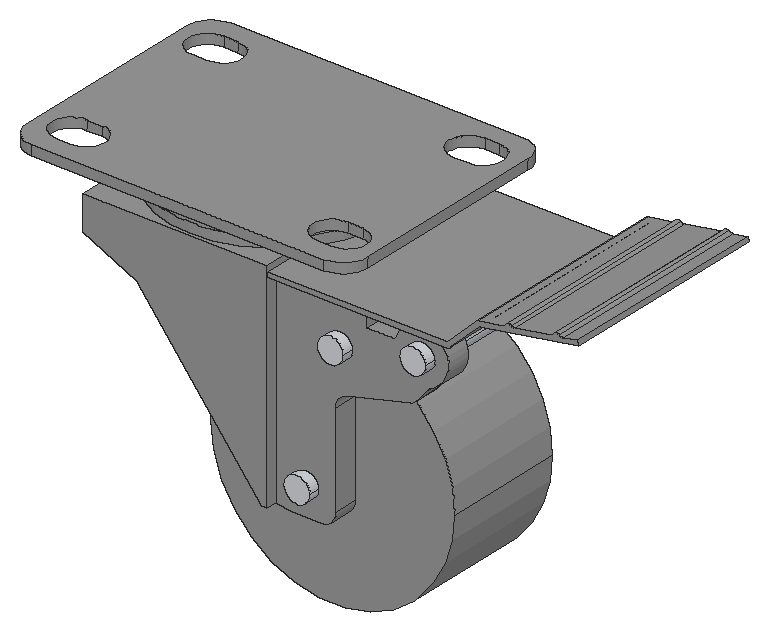
Revit family "ITK Ролик с тормозом", category Обобщенные модели, Revit 2016
Family settings
  Тип детали = Нормальный
  Может служить основой для арматурных стержней = Нет
  Размер круглого соединителя = Использовать диаметр
  На основе рабочей плоскости = Нет
  Всегда вертикально = Да
  При загрузке вырезать с полостями = Нет
  Общий = Нет
  Точка расчета площади = Нет
Parameters (values of type "ITK-HP-25")
  Совместимость = "серия Linea F"
  Описание = "Шкафы и стойки ITK могут быть установлены на ножки или ролики, или на ножки и ролики одновременно. Ролики значительно снижают максимально возможную статическую нагрузку шкафа или стойки, но позволяют легко перемещать конструктив по помещению. При необходимости, ролики могут быть заблокированы ножным тормозом.\r\n\r\nНожки имеют регулировку высоты, с помощью которой можно нивелировать шкаф на не ровном полу.\r\n\r\nРолики и ножки устанавливаются в нижнем основании. Ножка вкручивается в отверстие, рассчитанное на резьбу М12. Ролик крепится с помощью 4 винтов. Колесо ролика и основание ножки имеют резиновое диэлектрическое покрытие, предотвращающее проводимость тока с корпуса на пол.\r\nСовместимы со всеми 19-дюймовыми шкафами и стойками ITK.\r\nОбладают современным привлекательным дизайном и продуманной конструкцией.\r\nУдобны в монтаже и эксплуатации.\r\nСоответствие международным стандартам ISO9001, IEC 297, ISO/IEC 11801. \r\nСертифицированы по ГОСТ Р.\r\nВсе аксессуары идут с крепежом.\r\nВозможно исполнение в двух цветах: серый (RAL7035) и черный (RAL9005).\r\nВсегда в наличии на складе.\r\nГарантия на все аксессуары до 2-х лет."  # constant formula
  Материал = Окраска - RAL 9005
  Type Comments = ""
  Assembly Code = ""
  Изготовитель = "ITK"  # constant formula
  URL = "http://www.itk-group.ru/produktsiya/catalog/?page=detail&article=ITK-HP-25"
  ADSK_Примечание = ""
  ADSK_Позиция [instance] = ""
  ADSK_Наименование краткое = "ITK-HP-25"
  ADSK_Наименование = "ITK Ролики с тормозом (1 шт)"
  ADSK_Масса = 0
  ADSK_Марка = "ITK-HP-25"
  ADSK_Код изделия = ""
  ADSK_Завод-изготовитель = "IEK"
  ADSK_Единица измерения = "шт"
  ADSK_Группирование = ""
Reference planes
  plane 1 "По центру (Вперед/Назад)": y = 0
  plane 2: z = 0
  plane 3 "По центру (Влево/Вправо)": x = 0
Forms (mm)
  Extrusion 1, solid, material "Окраска - RAL 9005" <- "Материал", detail levels fine
    sketch origin (-1511.359, -1524, 1710) x (-1, 0, 0) y (0, -1, 0)
      loop
        line (-1459.992, -1498.5) -> (-1519.992, -1498.5)
        arc (-1519.992, -1498.5) -> (-1523.528, -1499.964) -> (-1524.992, -1503.5) r 5
        line (-1524.992, -1503.5) -> (-1524.992, -1544.5)
        arc (-1524.992, -1544.5) -> (-1523.528, -1548.035) -> (-1519.992, -1549.5) r 5
        line (-1519.992, -1549.5) -> (-1459.993, -1549.5)
        arc (-1459.993, -1549.5) -> (-1456.457, -1548.035) -> (-1454.992, -1544.499) r 5
        line (-1454.992, -1544.499) -> (-1454.992, -1503.499)
        arc (-1454.992, -1503.499) -> (-1456.457, -1499.964) -> (-1459.992, -1498.5) r 5
    from -1640 to -1638
  Extrusion 2, solid, material "Окраска - RAL 9005" <- "Материал", detail levels fine
    sketch origin (0, 0, 0) x (1, 0, 0) y (0, 0, 1)
      loop
        circle (0, 25) r 25
    from -12.5 to 12.5
  Extrusion 3, solid, material "Окраска - RAL 9005" <- "Материал", detail levels fine
    sketch origin (0, 0, 0) x (1, 0, 0) y (0, 0, 1)
      loop
        line (12.635, 58.301) -> (12.635, 62) -> (-5.345, 62) -> (-6.201, 60.864) -> (-6.201, 19.35) -> (-2.715, 19) -> (3.166, 19)
        arc (3.166, 19) -> (5.287, 19.879) -> (6.166, 22) r 3
        line (6.166, 22) -> (6.166, 41.304)
        arc (6.166, 41.304) -> (6.791, 43.136) -> (8.405, 44.206) r 3
        line (8.405, 44.206) -> (21.602, 47.668)
        arc (21.602, 47.668) -> (22.463, 48.046) -> (23.165, 48.672) r 3
        line (23.165, 48.672) -> (25.298, 51.281)
        arc (25.298, 51.281) -> (25.747, 51.724) -> (26.278, 52.064) r 3
        arc (26.278, 52.064) -> (27.25, 61.279) -> (18.476, 58.301) r 5.5
        line (18.476, 58.301) -> (12.635, 58.301)
    from 14.5 to 19.5
  Extrusion 4, solid, material "Окраска - RAL 9005" <- "Материал", detail levels fine
    sketch origin (0, 0, 0) x (1, 0, 0) y (0, 0, 1)
      loop
        arc (30.816, 61.983) -> (31.275, 62.074) -> (31.665, 62.334) r 1.2
        line (31.665, 62.334) -> (37.546, 68.165) -> (57.855, 71.746) -> (57.681, 72.73) -> (54.645, 72.195)
        arc (54.645, 72.195) -> (54.239, 72.206) -> (53.872, 72.378) r 1
        arc (53.872, 72.378) -> (53.293, 72.515) -> (52.796, 72.188) r 0.75
        arc (52.796, 72.188) -> (52.51, 71.901) -> (52.133, 71.752) r 1
        line (52.133, 71.752) -> (44.795, 70.458)
        arc (44.795, 70.458) -> (44.39, 70.47) -> (44.024, 70.641) r 1
        arc (44.024, 70.641) -> (43.445, 70.779) -> (42.948, 70.452) r 0.75
        arc (42.948, 70.452) -> (42.662, 70.165) -> (42.286, 70.016) r 1
        line (42.286, 70.016) -> (37.373, 69.149)
        arc (37.373, 69.149) -> (36.995, 69.016) -> (36.682, 68.766) r 1.21
        line (36.682, 68.766) -> (30.957, 63.041) -> (-6.201, 62.897) -> (-6.201, 61.983) -> (30.816, 61.983)
    from -21.736 to 21.736
  Revolve 5, solid, material "Окраска - RAL 9005" <- "Материал", detail levels fine
    sketch origin (0, 0, 0) x (1, 0, 0) y (0, 0, 1)
      loop
        line (-43.867, 65) -> (-21.367, 65) -> (-21.367, 70) -> (-40.867, 70)
        arc (-40.867, 70) -> (-42.988, 69.121) -> (-43.867, 67) r 3
        line (-43.867, 67) -> (-43.867, 65)
      axis (-21.367, 70) -> (-21.367, 65)
    angle from 0 to 360
  Extrusion 6, solid, material "Окраска - RAL 9005" <- "Материал", detail levels fine
    sketch origin (0, 0, 0) x (1, 0, 0) y (0, 0, -1)
      loop
        line (12.635, -58.301) -> (18.476, -58.301)
        arc (18.476, -58.301) -> (27.25, -61.279) -> (26.278, -52.064) r 5.5
        arc (26.278, -52.064) -> (25.747, -51.724) -> (25.298, -51.281) r 3
        line (25.298, -51.281) -> (23.165, -48.672)
        arc (23.165, -48.672) -> (22.463, -48.046) -> (21.602, -47.668) r 3
        line (21.602, -47.668) -> (8.405, -44.206)
        arc (8.405, -44.206) -> (6.791, -43.136) -> (6.166, -41.304) r 3
        line (6.166, -41.304) -> (6.166, -22)
        arc (6.166, -22) -> (5.287, -19.879) -> (3.166, -19) r 3
        line (3.166, -19) -> (-2.715, -19) -> (-6.201, -19.35) -> (-6.201, -60.864) -> (-5.345, -62) -> (12.635, -62) -> (12.635, -58.301)
    from 14.5 to 19.5
  Extrusion 7, solid, material "Окраска - RAL 9005" <- "Материал", detail levels fine
    sketch origin (0, 0, 0) x (1, 0, 0) y (0, 0, 1)
      loop
        line (-43.867, 64) -> (-43.867, 56.924) -> (-32.798, 51.964) -> (-7.226, 19.456) -> (-6.179, 19.456) -> (-6.179, 64) -> (-43.867, 64)
    from 12.5 to 21.736
  Extrusion 8, solid, material "Окраска - RAL 9005" <- "Материал", detail levels fine
    sketch origin (0, 0, 0) x (1, 0, 0) y (0, 0, -1)
      loop
        line (-43.867, -64) -> (-6.179, -64) -> (-6.179, -19.456) -> (-7.226, -19.456) -> (-32.798, -51.964) -> (-43.867, -56.924) -> (-43.867, -64)
    from 12.5 to 21.736
  Extrusion 9, solid, detail levels fine
    sketch origin (0, 0, 0) x (1, 0, 0) y (0, 0, 1)
      loop
        circle (0, 25) r 2.6
      loop
        circle (23.816, 56.983) r 2.6
      loop
        circle (6.921, 53.044) r 2.6
    from -21.736 to 21.736
  Extrusion 10, void
    sketch origin (-1511.359, -1524, 1710) x (-1, 0, 0) y (0, -1, 0)
      loop
        line (-1461.742, -1537.499) -> (-1464.742, -1537.499)
        arc (-1464.742, -1537.499) -> (-1468.742, -1541.499) -> (-1464.742, -1545.499) r 4
        line (-1464.742, -1545.499) -> (-1461.742, -1545.499)
        arc (-1461.742, -1545.499) -> (-1457.742, -1541.499) -> (-1461.742, -1537.499) r 4
      loop
        line (-1515.242, -1537.499) -> (-1518.242, -1537.499)
        arc (-1518.242, -1537.499) -> (-1522.242, -1541.499) -> (-1518.242, -1545.499) r 4
        line (-1518.242, -1545.499) -> (-1515.242, -1545.499)
        arc (-1515.242, -1545.499) -> (-1511.242, -1541.499) -> (-1515.242, -1537.499) r 4
      loop
        arc (-1464.743, -1502.499) -> (-1468.743, -1506.499) -> (-1464.743, -1510.499) r 4
        line (-1464.743, -1510.499) -> (-1461.74, -1510.499)
        arc (-1461.74, -1510.499) -> (-1457.742, -1506.498) -> (-1461.742, -1502.499) r 4
        line (-1461.742, -1502.499) -> (-1464.743, -1502.499)
      loop
        arc (-1518.243, -1502.499) -> (-1522.243, -1506.499) -> (-1518.243, -1510.499) r 4
        line (-1518.243, -1510.499) -> (-1515.242, -1510.499)
        arc (-1515.242, -1510.499) -> (-1511.242, -1506.499) -> (-1515.242, -1502.499) r 4
        line (-1515.242, -1502.499) -> (-1518.243, -1502.499)
    from -1640 to -1638
Cuts and joins
  joined: Extrusion 3, Extrusion 7
  joined: Extrusion 6, Extrusion 8
  Extrusion 10 cuts Extrusion 1
Dimensions and locks
  aligned and locked: level to plane 2
  aligned and locked: Extrusion 7 to Extrusion 4
  aligned and locked: Extrusion 7 to Extrusion 2
